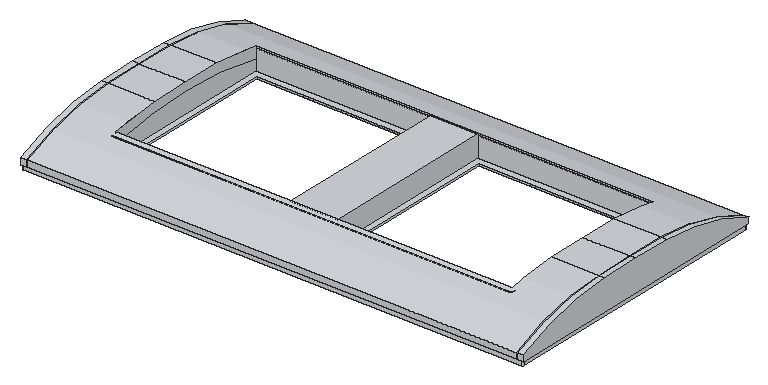
Revit family "Gira_0212778", category Electrical Fixtures, host Face, Revit 2017
Family settings
  Host = Face
  Maintain Annotation Orientation = No
  Round Connector Dimension = Use Diameter
  Part Type = Normal
  Cut with Voids When Loaded = No
  Shared = No
  Room Calculation Point = No
Parameters (values of type "Cov.fr. 2-g interm.fr. AN Gira Event Clear sand")
  With mounting grid = "No"
  With hinged lid = "No"
  URL = "http://katalog.gira.de/en/datenblatt.html?artikelnr=0212778"
  Type of fastening = "Clamp mounting"
  Transparent = "No"
  Surface protection = "Other"
  Surface finishing = "Glossy"
  Suitable for wall duct = "No"
  Suitable for flush-mounted installation = "Yes"
  Suitable for floor box = "No"
  Suitable for built-in installation = "No"
  Number of units vertical = "2"
  Number of units horizontal = "2"
  Number of units = "2"
  Name = "Cov.fr. 2-g interm.fr. AN Gira Event Clear sand"
  Mounting direction = "Horizontal and vertical"
  Material quality = "Thermoplastic"
  Material = "Plastic"
  Manufacturer URL = "https://www.gira.de/"
  Manufacturer = "Gira"
  Label space/information surface = "No"
  Keynote = ""
  HeinzeBIM = "https://bimportal.heinze.de/bim/cov-fr-2-g-interm-fr-an-gira-event-clear-sand/e0876991247574557cb00e825ba6d202478cf112"
  Halogen free = "Yes"
  HAN = "0212778"
  GTIN = "4010337069652"
  Description = "Cov.fr.2g i.fr.AN EvCl SD,Gira Event Clear cover frame,sand with anthracite intermediate frame,2-gang,Features:,- Shatter-proof."
  Degree of protection (IP) = "IP20"
  Default Elevation = 1219.2 mm
  Data sheet (1) = "https://katalog.gira.de/en/download.html?artikelnr=0212778"
  Colour = "Other"
  Category = "Cover frame for domestic switching devices"
  BIM (1) = "https://media.stage.bim.site/public/gira/36a6b08/Event_Rahmen_2fach.rfa"
  Available = "No"
Reference planes
  plane 1 "Center (Front/Back)": y = 0
  plane 2: z = 0
  plane 3 "Center (Left/Right)": x = 0
Forms (mm)
  Extrusion 1, solid, detail levels fine
    sketch origin (0, 0, 0.05) x (0, 1, 0) y (0, 0, 1)
      loop
        arc (12.445, 9.683) -> (6.223, 9.833) -> (0, 9.85) r 291.636
        arc (0, 9.85) -> (-6.223, 9.833) -> (-12.445, 9.683) r 291.636
        arc (-12.445, 9.683) -> (-29.14, 7.482) -> (-45, 1.823) r 79.728
        line (-45, 1.823) -> (-45, -0.05) -> (-42.086, -0.05)
        arc (-42.086, -0.05) -> (-21.385, 5.559) -> (0, 7.206) r 114.424
        arc (0, 7.206) -> (21.385, 5.559) -> (42.086, -0.05) r 114.424
        line (42.086, -0.05) -> (45, -0.05) -> (45, 1.823)
        arc (45, 1.823) -> (29.14, 7.482) -> (12.445, 9.683) r 79.728
    from -78.55 to 78.55
  Extrusion 2, void, detail levels fine
    sketch origin (0, 0, 0) x (1, 0, 0) y (0, 1, 0)
      loop
        line (-63.55, -27.937) -> (63.55, -27.937) -> (63.55, 28.063) -> (-63.55, 28.063) -> (-63.55, -27.937)
    from 0.724 to 11
  Extrusion 3, solid, detail levels coarse
    sketch origin (0, 0, 0) x (1, 0, 0) y (0, 1, 0)
      loop
        line (-80.55, 45) -> (-80.55, -45) -> (80.55, -45) -> (80.55, 45) -> (-80.55, 45)
    from -1.5 to 9.9
  Extrusion 4, solid, detail levels medium
    sketch origin (0, 0, 0.05) x (0, 1, 0) y (0, 0, 1)
      loop
        arc (12.445, 9.683) -> (6.223, 9.833) -> (0, 9.85) r 291.636
        arc (0, 9.85) -> (-6.223, 9.833) -> (-12.445, 9.683) r 291.636
        arc (-12.445, 9.683) -> (-29.14, 7.482) -> (-45, 1.823) r 79.728
        line (-45, 1.823) -> (-45, -0.05) -> (45, -0.05) -> (45, 1.823)
        arc (45, 1.823) -> (29.14, 7.482) -> (12.445, 9.683) r 79.728
    from -80.55 to 80.55
  Extrusion 5, solid, detail levels fine
    sketch origin (-35.55, 0, -1.5) x (0, 1, 0) y (0, 0, -1)
      loop
        line (45, -3.373) -> (45, -1.5) -> (-45, -1.5) -> (-45, -3.373)
        arc (-45, -3.373) -> (-29.14, -9.032) -> (-12.445, -11.233) r 79.728
        arc (-12.445, -11.233) -> (-6.223, -11.383) -> (0, -11.4) r 291.636
        arc (0, -11.4) -> (6.223, -11.383) -> (12.445, -11.233) r 291.636
        arc (12.445, -11.233) -> (29.14, -9.032) -> (45, -3.373) r 79.728
    from 43 to 45
  Extrusion 6, solid, detail levels fine
    sketch origin (0, 0, 0) x (1, 0, 0) y (0, 1, 0)
      loop
        line (-61.45, 25.7) -> (-61.45, -25.7) -> (-9.65, -25.7) -> (-9.65, 25.7) -> (-61.45, 25.7)
      loop
        line (61.45, -25.7) -> (61.45, 25.7) -> (9.65, 25.7) -> (9.65, -25.7) -> (61.45, -25.7)
      loop
        line (-64.445, 28.49) -> (-64.445, -28.495)
        spline (-64.445, -28.495) -> (-64.436, -28.625) -> (-64.411, -28.754) -> (-64.369, -28.878) -> (-64.311, -28.995) -> (-64.238, -29.104) -> (-64.152, -29.202) -> (-64.054, -29.288) -> (-63.945, -29.361) -> (-63.828, -29.419) -> (-63.704, -29.461) -> (-63.575, -29.486) -> (-63.445, -29.495)
        line (-63.445, -29.495) -> (63.445, -29.495)
        spline (63.445, -29.495) -> (63.575, -29.486) -> (63.704, -29.461) -> (63.828, -29.419) -> (63.945, -29.361) -> (64.054, -29.288) -> (64.152, -29.202) -> (64.238, -29.104) -> (64.311, -28.995) -> (64.369, -28.878) -> (64.411, -28.754) -> (64.436, -28.625) -> (64.445, -28.495)
        line (64.445, -28.495) -> (64.445, 28.49)
        spline (64.445, 28.49) -> (64.436, 28.62) -> (64.411, 28.748) -> (64.369, 28.872) -> (64.311, 28.99) -> (64.238, 29.098) -> (64.152, 29.197) -> (64.054, 29.283) -> (63.945, 29.356) -> (63.828, 29.413) -> (63.704, 29.456) -> (63.575, 29.481) -> (63.445, 29.49)
        line (63.445, 29.49) -> (-63.445, 29.49)
        spline (-63.445, 29.49) -> (-63.575, 29.481) -> (-63.704, 29.456) -> (-63.828, 29.413) -> (-63.945, 29.356) -> (-64.054, 29.283) -> (-64.152, 29.197) -> (-64.238, 29.098) -> (-64.311, 28.99) -> (-64.369, 28.872) -> (-64.411, 28.748) -> (-64.436, 28.62) -> (-64.445, 28.49)
    from 0.1 to 7.3
  Extrusion 7, solid
    sketch origin (0, 0, 0) x (1, 0, 0) y (0, 1, 0)
      loop
        arc (-80.25, -44.2) -> (-80.104, -44.554) -> (-79.75, -44.7) r 0.5
        line (-79.75, -44.7) -> (79.75, -44.7)
        arc (79.75, -44.7) -> (80.104, -44.554) -> (80.25, -44.2) r 0.5
        line (80.25, -44.2) -> (80.25, 44.2)
        arc (80.25, 44.2) -> (80.104, 44.554) -> (79.75, 44.7) r 0.5
        line (79.75, 44.7) -> (-79.75, 44.7)
        arc (-79.75, 44.7) -> (-80.104, 44.554) -> (-80.25, 44.2) r 0.5
        line (-80.25, 44.2) -> (-80.25, -44.2)
      loop
        line (-78.55, 43) -> (-78.55, -43) -> (78.55, -43) -> (78.55, 43) -> (-78.55, 43)
    from -1.5 to 0.5
  Extrusion 8, solid, detail levels fine
    sketch origin (35.55, 0, -1.5) x (0, 1, 0) y (0, 0, 1)
      loop
        arc (45, 3.373) -> (29.14, 9.032) -> (12.445, 11.233) r 79.728
        arc (12.445, 11.233) -> (6.223, 11.383) -> (0, 11.4) r 291.636
        arc (0, 11.4) -> (-6.223, 11.383) -> (-12.445, 11.233) r 291.636
        arc (-12.445, 11.233) -> (-29.14, 9.032) -> (-45, 3.373) r 79.728
        line (-45, 3.373) -> (-45, 1.5) -> (45, 1.5) -> (45, 3.373)
    from 43 to 45
  Extrusion 9, solid, detail levels medium
    sketch origin (0, 0, 0) x (1, 0, 0) y (0, 1, 0)
      loop
        line (-80.25, -44.7) -> (80.25, -44.7) -> (80.25, 44.7) -> (-80.25, 44.7) -> (-80.25, -44.7)
    from -1.5 to 0.5
  Extrusion 10, solid, detail levels fine
    sketch origin (0, 0, 0) x (1, 0, 0) y (0, 1, 0)
      loop
        line (-7.55, 28.063) -> (-7.55, -27.937) -> (7.55, -27.937) -> (7.55, 28.063) -> (-7.55, 28.063)
    from 0.724 to 7.566
Cuts and joins
  Extrusion 2 cuts Extrusion 1
  Extrusion 2 cuts Extrusion 6
Dimensions and locks
  aligned and locked: plane 2 to host face
  aligned and locked: level to host face
